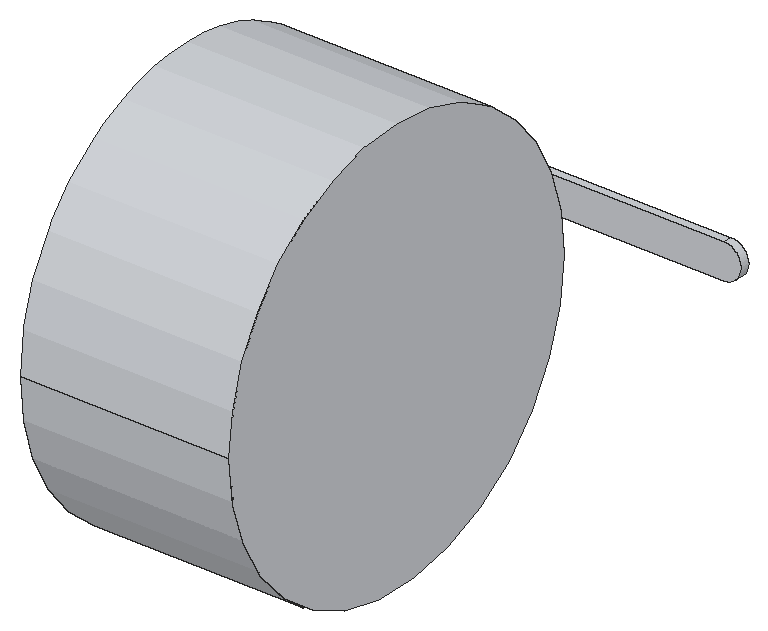
Revit family "42c4d4fa4b2c4af589228ecbc3eb348b", category Duct Accessories, Revit 2021
Family settings
  Round Connector Dimension = Use Radius
  Part Type = Damper
  OmniClass Number = 23.75.70.11.14.14
  OmniClass Title = Dampers for Air Ductwork
  Seek Item ID = Balancing Damper - Round-0000-USA-ENU
  Work Plane-Based = No
  Always vertical = Yes
  Cut with Voids When Loaded = No
  Shared = No
Parameters (values of type "Standard")
  Symbol Width [instance] = Duct Diameter + 0' 4"  # 1' - 4"
  Symbol Length = Damper Length / 2 + 0' 3 1/2"  # 0' - 6 1/2"
  Pressure Drop [instance] = 1.00 in-wg
  Half Damper Length = Damper Length / 2  # 0' - 3"
  Duct Radius [instance] = 6"
  Duct Diameter [instance] = Duct Radius * 2  # 12"
  Default Elevation = 0' - 0"
  Damper Material = none
  Damper Length = 0' - 6"
Reference planes (in)
  plane 1 "Center (Front/Back)": y = 0
  plane 2: z = 0
  plane 3 "Center (Left/Right)": x = 0
  plane 4: y = -6
  plane 5: y = 6
  plane 6: y = 8
  plane 7: y = 8.25
  plane 8: x = -3
  plane 9: x = 3
  plane 10: x = 6
  plane 11: z = 0.5
  plane 12: z = -0.5
  plane 13: x = 6.5
Forms (in)
  Extrusion 1, solid, material <- "Damper Material", detail levels fine
    sketch origin (0, 0, 0) x (0, 1, 0) y (0, 0, 1)
      loop
        circle (0, 0) r 6
    from -3 to 3
  Extrusion 2, solid, material <- "Damper Material", detail levels fine
    sketch origin (0, 0, 0) x (1, 0, 0) y (0, 0, 1)
      loop
        circle (0, 0) r 0.25
    from -8 to 0
  Sweep 3, solid, material <- "Damper Material", detail levels fine
    path origin (0, 0, 0) x (1, 0, 0) y (0, 1, 0)
      loop
        line (0, 8.25) -> (0, 8)
    profile origin (0, 8.125, 0) x (1, 0, 0) y (0, 0, 1)
      loop
        arc (0, 0.5) -> (-0.5, 0) -> (0, -0.5) r 0.5
        line (0, -0.5) -> (6, -0.5)
        arc (6, -0.5) -> (6.5, 0) -> (6, 0.5) r 0.5
        line (6, 0.5) -> (0, 0.5)
  Extrusion 4, solid, material <- "Damper Material", detail levels coarse+medium
    sketch origin (0, 0, 0) x (0, 1, 0) y (0, 0, 1)
      loop
        circle (0, 0) r 6
    from -3 to 3
Cuts and joins
  joined: Extrusion 1, Extrusion 2, Sweep 3
Dimensions and locks (in)
  equal spacing: plane 5, plane 1 "Center (Front/Back)", plane 4
  "Duct Radius": plane 1 "Center (Front/Back)" to plane 4
  locked: plane 5 to plane 6 at 2
  locked: plane 7 to plane 6 at 0.25
  equal spacing: plane 8, plane 3 "Center (Left/Right)", plane 9
  "Damper Length": plane 8 to plane 9
  locked: plane 10 to plane 3 "Center (Left/Right)" at 6
  plane 11 to plane 2 = 0' - 0 1/2"
  equal spacing: plane 11, plane 2, plane 12
  locked: plane 13 to plane 10 at 0.5
  "Duct Radius": radius of Extrusion 1 sketch curve
  radius of Extrusion 2 sketch curve = 0' - 0 1/4"
  radius of Sweep 3 sketch curve = 0' - 0 1/2"  (x2)
  "Duct Radius": radius of Extrusion 4 sketch curve
  aligned and locked: plane 2 to Extrusion 1 sketch curve
  aligned and locked: plane 1 "Center (Front/Back)" to Extrusion 1 sketch curve
  aligned and locked: Extrusion 1 to plane 8
  aligned and locked: Extrusion 1 to plane 9
  aligned and locked: plane 2 to Extrusion 2 sketch curve
  aligned and locked: plane 3 "Center (Left/Right)" to Extrusion 2 sketch curve
  aligned and locked: plane 6 to Extrusion 2
  aligned and locked: plane 1 "Center (Front/Back)" to Extrusion 2
  aligned and locked: Sweep 3 sketch curve to plane 3 "Center (Left/Right)"
  aligned and locked: plane 7 to Sweep 3 sketch curve
  aligned and locked: plane 6 to Sweep 3 sketch curve
  aligned and locked: Sweep 3 sketch curve to plane 11
  aligned and locked: plane 3 "Center (Left/Right)" to Sweep 3 sketch curve  (x3)
  aligned and locked: plane 2 to Sweep 3 sketch curve
  aligned and locked: plane 10 to Sweep 3 sketch curve  (x3)
  aligned and locked: plane 2 to Extrusion 4 sketch curve
  aligned and locked: plane 1 "Center (Front/Back)" to Extrusion 4 sketch curve
  aligned and locked: Extrusion 4 to plane 8
  aligned and locked: Extrusion 4 to plane 9
Nested families (in)
  nested 1: "Balancing Damper Symbol" at (0, 0, 0) x (-1, 0, 0) z (0, 0, 1), type "Balancing Damper Symbol", detail levels coarse+medium
Connectors (in)
  hvac at (-3, 0, 0), driven by "Duct Radius", driven by "Pressure Drop"
    settings: on cut or joined group of Extrusion 1, Extrusion 2, Sweep 3, index 1, duct flow 0 CFM, flow factor 0, pres drop 1.00 in-wg, loss coef 0, conn angle 0.00°, conn width 12", conn height 12", conn diameter 12", duct sys type 29, conn prof type 0, flow config 0, flow direction 0, loss method 4, conn ref index 2, conn util no, is conn primary yes, conn desc ""
  hvac at (3, 0, 0), driven by "Duct Radius"
    settings: on cut or joined group of Extrusion 1, Extrusion 2, Sweep 3, index 2, duct flow 0 CFM, flow factor 0, pres drop 0.00 in-wg, loss coef 0, conn angle 0.00°, conn width 12", conn height 12", conn diameter 12", duct sys type 29, conn prof type 0, flow config 0, flow direction 0, loss method 4, conn ref index 1, conn util no, is conn primary no, conn desc ""
Definition of nested family "Balancing Damper Symbol"
  Parameters
    Width 2 = 0' - 4"
    Width 1 = 0' - 6"
    Length 2 = 0' - 1"
    Length 1 = 0' - 2"
  Reference planes (in)
    plane 1 "Center (Front/Back)": y = 0
    plane 2: z = 0
    plane 3 "Center (Left/Right)": x = 0
  Lines and regions (in)
    detail lines, in view "Ref. Level"
      curve 1: line (0, 3, 0) -> (0, -3, 0)
      curve 2: line (0, 3, 0) -> (-2, 3, 0)
      curve 3: line (-1, 2, 0) -> (-1, -2, 0)
      curve 4: line (1, 2, 0) -> (1, -2, 0)
  Dimensions and locks (in)
    equal spacing: curve 1, plane 1 "Center (Front/Back)", curve 1
    "Width 1": curve 1 to curve 1
    "Length 1": curve 2 to curve 2
    equal spacing: curve 3, plane 1 "Center (Front/Back)", curve 3
    equal spacing: curve 4, plane 1 "Center (Front/Back)", curve 4
    "Width 2": curve 3 to curve 3
    "Width 2": curve 4 to curve 4
    "Length 2": curve 3 to plane 3 "Center (Left/Right)"
    "Length 2": plane 3 "Center (Left/Right)" to curve 4
    aligned and locked: plane 3 "Center (Left/Right)" to curve 2
